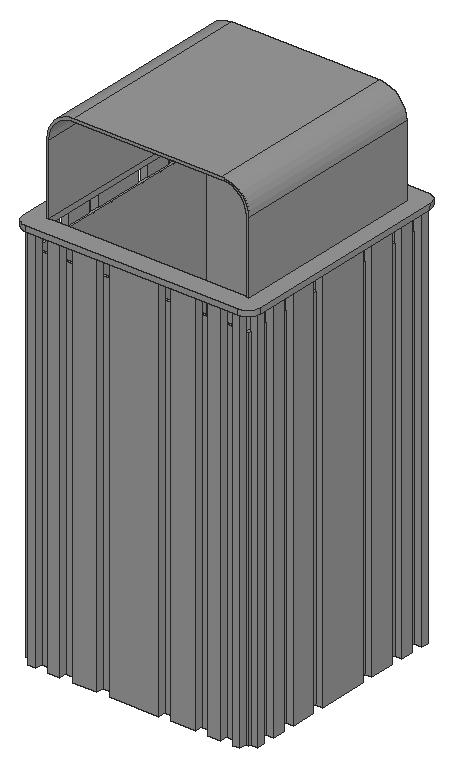
Revit family "Урна «Штрих» Арт 14129", category Антураж, Revit 2018
Family settings
  На основе рабочей плоскости = Нет
  Всегда вертикально = Да
  При загрузке вырезать с полостями = Нет
  Источник визуального образа = Геометрия семейства
  Общий = Нет
  Точка расчета площади = Нет
Parameters (values of type "С крышкой")
  Ширина = 480 mm  # constant formula
  Цвет отделки = Дерево
  Цвет каркаса = Сталь
  Описание = if(Крышка, "Урна «Штрих». С крышкой", "Урна «Штрих». Без крышки")  # "Урна «Штрих». С крышкой"
  Материал изделия = "Сталь, дерево"  # constant formula
  Крышка = yes
  Изображение типоразмера = Урна «Штрих» Арт 14129.jpg
  Изготовитель = "ООО «Хоббика»"  # constant formula
  Длина = 480 mm  # constant formula
  Группа модели = "Уличные урны"  # constant formula
  Высота = if(Крышка, 1000 mm, 800 mm)  # 1000 mm
  Артикул товара = "Арт. 14129"  # constant formula
  URL = "https://hobbyka.ru/product/urna_shtrikh/"
Types (3, lengths in mm): name | Описание | Крышка | Высота
  (no name) | "Урна «Штрих». С крышкой" | yes | 1000
  С крышкой | "Урна «Штрих». С крышкой" | yes | 1000
  Без крышки | "Урна «Штрих». Без крышки" | no | 800
Reference planes
  plane 1 "По центру (Вперед/Назад)": y = 0
  plane 2: z = 0
  plane 3 "По центру (Влево/Вправо)": x = 0
  plane 4: y = 480
  plane 5: x = 480
  plane 6: z = 1000
Forms (mm)
  Extrusion 1, solid, material "Сталь" <- "Цвет каркаса"
    sketch origin (0, 0, 0) x (1, 0, 0) y (0, 1, 0)
      loop
        arc (25, 480) -> (7.322, 472.678) -> (0, 455) r 25
        line (0, 455) -> (0, 25)
        arc (0, 25) -> (7.322, 7.322) -> (25, 0) r 25
        line (25, 0) -> (455, 0)
        arc (455, 0) -> (472.678, 7.322) -> (480, 25) r 25
        line (480, 25) -> (480, 455)
        arc (480, 455) -> (472.678, 472.678) -> (455, 480) r 25
        line (455, 480) -> (25, 480)
      loop
        line (40, 440) -> (40, 40) -> (440, 40) -> (440, 440) -> (40, 440)
    from 790 to 800
  Extrusion 2, solid, material "Сталь" <- "Цвет каркаса"
    sketch origin (0, 0, 0) x (1, 0, 0) y (0, 1, 0)
      loop
        line (25, 455) -> (25, 25) -> (455, 25) -> (455, 455) -> (25, 455)
      loop
        line (20, 460) -> (20, 20) -> (460, 20) -> (460, 460) -> (20, 460)
    from 0 to 750
  Extrusion 3, solid, material "Сталь" <- "Цвет каркаса"
    sketch origin (0, 0, 0) x (1, 0, 0) y (0, 1, 0)
      loop
        line (25, 455) -> (25, 25) -> (455, 25) -> (455, 455) -> (25, 455)
    from 0 to 5
  Extrusion 4, solid, material "Дерево" <- "Цвет отделки"
    sketch origin (0, 0, 0) x (1, 0, 0) y (0, 1, 0)
      loop
        line (25, 475) -> (25, 460) -> (40, 460) -> (40, 475) -> (25, 475)
      loop
        line (65, 475) -> (65, 460) -> (90, 460) -> (90, 475) -> (65, 475)
      loop
        line (115, 475) -> (115, 460) -> (165, 460) -> (165, 475) -> (115, 475)
      loop
        line (455, 475) -> (440, 475) -> (440, 460) -> (455, 460) -> (455, 475)
      loop
        line (415, 475) -> (390, 475) -> (390, 460) -> (415, 460) -> (415, 475)
      loop
        line (365, 475) -> (315, 475) -> (315, 460) -> (365, 460) -> (365, 475)
      loop
        line (190, 475) -> (190, 460) -> (290, 460) -> (290, 475) -> (190, 475)
    from 0 to 790
  Extrusion 5, solid, material "Дерево" <- "Цвет отделки"
    sketch origin (0, 480, 0) x (1, 0, 0) y (0, 1, 0)
      loop
        line (25, -475) -> (40, -475) -> (40, -460) -> (25, -460) -> (25, -475)
      loop
        line (65, -475) -> (90, -475) -> (90, -460) -> (65, -460) -> (65, -475)
      loop
        line (115, -475) -> (165, -475) -> (165, -460) -> (115, -460) -> (115, -475)
      loop
        line (455, -475) -> (455, -460) -> (440, -460) -> (440, -475) -> (455, -475)
      loop
        line (415, -475) -> (415, -460) -> (390, -460) -> (390, -475) -> (415, -475)
      loop
        line (365, -475) -> (365, -460) -> (315, -460) -> (315, -475) -> (365, -475)
      loop
        line (190, -475) -> (290, -475) -> (290, -460) -> (190, -460) -> (190, -475)
    from 0 to 790
  Extrusion 6, solid, material "Дерево" <- "Цвет отделки"
    sketch origin (0, 480, 0) x (0, -1, 0) y (1, 0, 0)
      loop
        line (25, 475) -> (25, 460) -> (40, 460) -> (40, 475) -> (25, 475)
      loop
        line (65, 475) -> (65, 460) -> (90, 460) -> (90, 475) -> (65, 475)
      loop
        line (115, 475) -> (115, 460) -> (165, 460) -> (165, 475) -> (115, 475)
      loop
        line (455, 475) -> (440, 475) -> (440, 460) -> (455, 460) -> (455, 475)
      loop
        line (415, 475) -> (390, 475) -> (390, 460) -> (415, 460) -> (415, 475)
      loop
        line (365, 475) -> (315, 475) -> (315, 460) -> (365, 460) -> (365, 475)
      loop
        line (190, 475) -> (190, 460) -> (290, 460) -> (290, 475) -> (190, 475)
    from 0 to 790
  Extrusion 7, solid, material "Дерево" <- "Цвет отделки"
    sketch origin (480, 480, 0) x (0, -1, 0) y (1, 0, 0)
      loop
        line (25, -475) -> (40, -475) -> (40, -460) -> (25, -460) -> (25, -475)
      loop
        line (65, -475) -> (90, -475) -> (90, -460) -> (65, -460) -> (65, -475)
      loop
        line (115, -475) -> (165, -475) -> (165, -460) -> (115, -460) -> (115, -475)
      loop
        line (455, -475) -> (455, -460) -> (440, -460) -> (440, -475) -> (455, -475)
      loop
        line (415, -475) -> (415, -460) -> (390, -460) -> (390, -475) -> (415, -475)
      loop
        line (365, -475) -> (365, -460) -> (315, -460) -> (315, -475) -> (365, -475)
      loop
        line (190, -475) -> (290, -475) -> (290, -460) -> (190, -460) -> (190, -475)
    from 0 to 790
  Extrusion 8, solid, material "Сталь" <- "Цвет каркаса", visible <- "Крышка"
    sketch origin (0, 0, -205) x (1, 0, 0) y (0, 0, 1)
      loop
        line (40, 1005) -> (40, 1150)
        arc (40, 1150) -> (54.645, 1185.355) -> (90, 1200) r 50
        line (90, 1200) -> (390, 1200)
        arc (390, 1200) -> (425.355, 1185.355) -> (440, 1150) r 50
        line (440, 1150) -> (440, 1005) -> (445, 1005) -> (445, 1150)
        arc (445, 1150) -> (428.891, 1188.891) -> (390, 1205) r 55
        line (390, 1205) -> (90, 1205)
        arc (90, 1205) -> (51.109, 1188.891) -> (35, 1150) r 55
        line (35, 1150) -> (35, 1005) -> (40, 1005)
    from -440 to -40
Dimensions and locks
  "Длина": plane 3 "По центру (Влево/Вправо)" to plane 5
  "Ширина": plane 4 to plane 1 "По центру (Вперед/Назад)"
  "Высота": plane 6 to level
  aligned and locked: level to plane 2
Automatic sketch dimensions
  Extrusion 1 sketch curve to plane 3 "По центру (Влево/Вправо)" = 0 mm
  plane 1 "По центру (Вперед/Назад)" to Extrusion 1 sketch curve = 0 mm
  Extrusion 1 sketch curve to plane 4 = 0 mm
  Extrusion 1 sketch curve to plane 5 = 0 mm
  plane 3 "По центру (Влево/Вправо)" to Extrusion 1 sketch curve = 25 mm  (x2)
  Extrusion 1 sketch curve to Extrusion 1 sketch curve = 15 mm  (x4)
  Extrusion 1 sketch curve to plane 5 = 40 mm
  Extrusion 1 sketch curve to plane 5 = 25 mm
  plane 3 "По центру (Влево/Вправо)" to Extrusion 2 sketch curve = 20 mm
  Extrusion 2 sketch curve to Extrusion 2 sketch curve = 5 mm  (x4)
  Extrusion 2 sketch curve to plane 5 = 25 mm
  Extrusion 2 sketch curve to plane 1 "По центру (Вперед/Назад)" = 20 mm
  Extrusion 2 sketch curve to plane 4 = 25 mm
  plane 3 "По центру (Влево/Вправо)" to Extrusion 3 sketch curve = 25 mm
  Extrusion 3 sketch curve to plane 5 = 25 mm
  Extrusion 3 sketch curve to plane 1 "По центру (Вперед/Назад)" = 25 mm
  Extrusion 3 sketch curve to plane 4 = 25 mm
  plane 3 "По центру (Влево/Вправо)" to Extrusion 4 sketch curve = 25 mm
  Extrusion 4 sketch curve to Extrusion 4 sketch curve = 15 mm  (x7)
  Extrusion 4 sketch curve to plane 4 = 5 mm  (x7)
  Extrusion 4 sketch curve to Extrusion 4 sketch curve = 25 mm  (x8)
  Extrusion 4 sketch curve to Extrusion 4 sketch curve = 50 mm  (x2)
  Extrusion 4 sketch curve to Extrusion 4 sketch curve = 100 mm
  Extrusion 4 sketch curve to plane 4 = 20 mm  (x2)
  Extrusion 5 sketch curve to plane 3 "По центру (Влево/Вправо)" = 25 mm
  Extrusion 5 sketch curve to Extrusion 5 sketch curve = 15 mm  (x7)
  plane 1 "По центру (Вперед/Назад)" to Extrusion 5 sketch curve = 5 mm  (x7)
  Extrusion 5 sketch curve to Extrusion 5 sketch curve = 25 mm  (x8)
  Extrusion 5 sketch curve to Extrusion 5 sketch curve = 50 mm  (x2)
  Extrusion 5 sketch curve to Extrusion 5 sketch curve = 100 mm
  plane 1 "По центру (Вперед/Назад)" to Extrusion 5 sketch curve = 20 mm  (x2)
  Extrusion 6 sketch curve to plane 4 = 25 mm
  Extrusion 6 sketch curve to Extrusion 6 sketch curve = 15 mm  (x7)
  Extrusion 6 sketch curve to plane 5 = 5 mm  (x7)
  Extrusion 6 sketch curve to Extrusion 6 sketch curve = 25 mm  (x8)
  Extrusion 6 sketch curve to Extrusion 6 sketch curve = 50 mm  (x2)
  Extrusion 6 sketch curve to Extrusion 6 sketch curve = 100 mm
  Extrusion 6 sketch curve to plane 5 = 20 mm  (x2)
  Extrusion 7 sketch curve to plane 4 = 25 mm
  Extrusion 7 sketch curve to Extrusion 7 sketch curve = 15 mm  (x8)
  plane 3 "По центру (Влево/Вправо)" to Extrusion 7 sketch curve = 5 mm  (x7)
  Extrusion 7 sketch curve to Extrusion 7 sketch curve = 25 mm  (x8)
  Extrusion 7 sketch curve to Extrusion 7 sketch curve = 50 mm  (x2)
  Extrusion 7 sketch curve to Extrusion 7 sketch curve = 100 mm
  plane 3 "По центру (Влево/Вправо)" to Extrusion 7 sketch curve = 20 mm
  Extrusion 8 sketch curve to Extrusion 8 sketch curve = 0 mm  (x4)
  Extrusion 8 sketch curve to plane 6 = 200 mm  (x2)
  plane 3 "По центру (Влево/Вправо)" to Extrusion 8 sketch curve = 35 mm
  Extrusion 8 sketch curve to Extrusion 8 sketch curve = 5 mm
  Extrusion 8 sketch curve to Extrusion 8 sketch curve = 50 mm
  Extrusion 8 sketch curve to plane 5 = 90 mm
  Extrusion 8 sketch curve to plane 5 = 40 mm
  Extrusion 8 sketch curve to plane 6 = 55 mm
